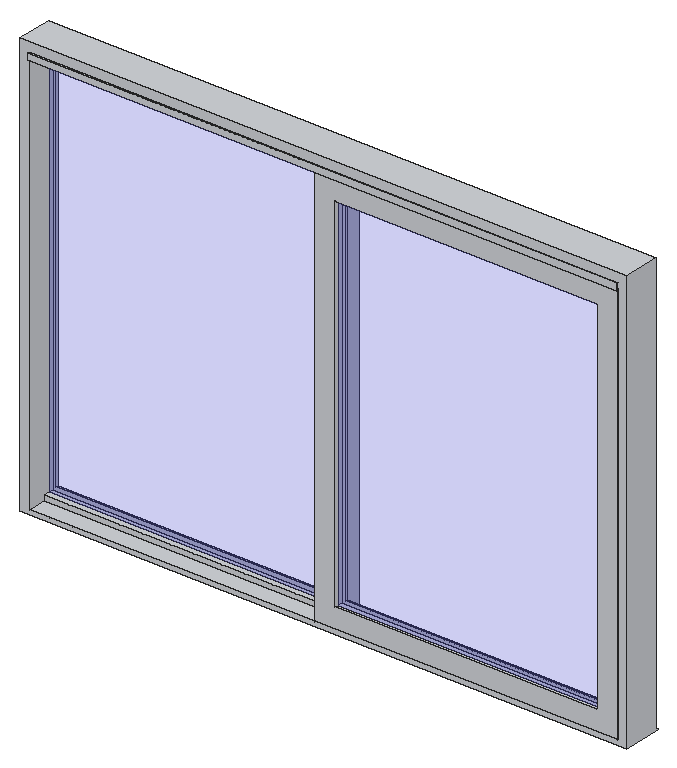
Revit family "9705_Skydedør_Venstre_COto62", category Doors, host Wall, Revit 2016
Family settings
  Host = Wall
  OmniClass Number = 23.30.10.00
  OmniClass Title = Doors
  Always vertical = Yes
  Cut with Voids When Loaded = No
  Shared = No
  Room Calculation Point = No
Parameters (values of type "3000x2100mm")
  maxleft [instance] = 1600 mm
  Width left leaf [instance] = if(maxleft > (Width / 2), Width / 2, maxleft)  # 1500 mm
  Sash placement in wall = Placement in wall + 176 mm  # 226 mm
  Rough Width = Width + (Joint * 2)  # 3024 mm
  Rough Height = Width + (Joint * 2)  # 3024 mm
  Placement in wall = 50 mm
  Manufacturer = "www.kronevinduer.dk"
  Joint = 12 mm
  Glass panel material [instance] = Glass
  Function = Interior
  Frame Projection Ext. = 25 mm
  Frame Projection Int. = 25 mm
  Frame Width = 75 mm
  Height = 2100 mm
  Wall Closure = By host
  Width = 3000 mm
  Bottom Placement = Placement in wall + 59 mm  # 109 mm
Reference planes
  plane 1: y = 0
  plane 2 "Center (Left/Right)": x = 0
  plane 3 "Left": x = -1500
  plane 4 "Right": x = 1500
  plane 5: z = 2100
  plane 6 "Exterior": y = 75
  plane 7 "Interior": y = -75
  plane 8: x = 1488
  plane 9: x = -1488
  plane 10: z = 2088
  plane 11: z = 12
  plane 12: y = 25
  plane 13: x = -12
  plane 14: y = -34
  plane 15: z = 2015
  plane 16: z = 32
  plane 17: z = 23
  plane 18: x = -42
Forms (mm)
  Sweep 1, solid
    path origin (0, 75, 0) x (1, 0, 0) y (0, 0, 1)
      loop
        line (1488, 12) -> (-1488, 12)
    profile "ALU_BOTTOM_INward : ALU_BOTTOM_INward" origin (0, 75, 12) x (0, 0, -1) y (0, -1, 0)
      loop
        line (0, 158) -> (-1.763, 158) -> (-11, 119) -> (-6.25, 119) -> (-6.25, 109) -> (-24.621, 109) -> (-24.621, 107) -> (-20.949, 107) -> (-5.5, 39) -> (0, 39) -> (0, 158)
  Sweep 2, solid
    path origin (0, 75, 0) x (1, 0, 0) y (0, 0, 1)
      loop
        line (1488, 12) -> (1488, 2088) -> (-1488, 2088) -> (-1488, 12)
    profile "COto 62 ALU_WOOD_FRAME 45x176MM : COto 62 ALU_WOOD_FRAME 45x176MM" origin (1488, 75, 1050) x (-1, 0, 0) y (0, -1, 0)
      loop
        line (0, 226) -> (0, 50) -> (45, 50) -> (45, 61) -> (27, 61) -> (27, 109) -> (45, 109) -> (45, 226) -> (0, 226)
  Sweep 3, solid
    path origin (0, 75, 0) x (1, 0, 0) y (0, 0, 1)
      loop
        line (-12, 12) -> (-12, 2088)
    profile "COto 62 ALU_WOOD_MULLION_INward : COto 62 ALU_WOOD_MULLION_INward" origin (-12, 75, 1050) x (-1, 0, 0) y (0, -1, 0)
      loop
        line (-45.5, 50) -> (45.5, 50) -> (45.5, 61) -> (27.5, 61) -> (27.5, 109) -> (45.5, 109) -> (45.5, 136) -> (-17.5, 136) -> (-17.5, 146.5) -> (-45.5, 146.5) -> (-45.5, 50)
  Sweep 4, solid
    path origin (0, 75, 0) x (1, 0, 0) y (0, 0, 1)
      loop
        line (-12, 12) -> (-1488, 12)
    profile "COto 62 ALU_WOOD_FRAME 45x176MM_S-door : COto 62 ALU_WOOD_FRAME 45x176MM_S-door" origin (-750, 75, 12) x (0, 0, -1) y (0, -1, 0)
      loop
        line (0, 226) -> (-20, 226) -> (-20, 136) -> (-45, 136) -> (-45, 109) -> (-27, 109) -> (-27, 61) -> (-45, 61) -> (-45, 50) -> (0, 50) -> (0, 226)
  Sweep 5, solid
    path origin (0, 75, 0) x (1, 0, 0) y (0, 0, 1)
      loop
        line (1488, 12) -> (-12, 12)
    profile "COto 62 ALU_WOOD_SASHBottom_slidingDOOR_INward : COto 62 ALU_WOOD_SASHBottom_slidingDOOR_INward" origin (738, 75, 12) x (0, 0, -1) y (0, -1, 0)
      loop
        line (-20, 226) -> (-20, 136.3) -> (0, 136.3) -> (0, 226) -> (-20, 226)
  Sweep 6, solid
    path origin (0, 75, 0) x (1, 0, 0) y (0, 0, 1)
      loop
        line (-1443, 2043) -> (1443, 2043)
    profile "ALU_PROFIL_OVER_SASH : ALU_PROFIL_OVER_SASH" origin (0, 75, 2043) x (0, 0, 1) y (0, -1, 0)
      loop
        line (0, 175.5) -> (0, 232.5) -> (-33.75, 232.5) -> (-33.75, 230.25) -> (-2.3, 230.25) -> (-2.3, 197.25) -> (-33.75, 197.25) -> (-33.75, 194.95) -> (-2.3, 194.95) -> (-2.3, 175.5) -> (0, 175.5)
  Sweep 7, solid
    path origin (0, 75, 0) x (1, 0, 0) y (0, 0, 1)
      loop
        line (1443, 32) -> (1443, 2015) -> (-42, 2015) -> (-42, 32) -> (1443, 32)
    profile "COto 62 ALU_WOOD_SASH_slidingDOOR_INward : COto 62 ALU_WOOD_SASH_slidingDOOR_INward" origin (1443, 75, 1023.5) x (-1, 0, 0) y (0, -1, 0)
      loop
        line (99, 226) -> (0, 226) -> (0, 152) -> (99, 152) -> (99, 163) -> (81, 163) -> (81, 211) -> (99, 211) -> (99, 226)
  Extrusion 8, solid, material "Glass"
    sketch origin (0, 0, 0) x (0, 1, 0) y (0, 0, 1)
      loop
        line (-88, 113) -> (-88, 1934) -> (-136, 1934) -> (-136, 113) -> (-88, 113)
    from 39 to 1362
  Extrusion 9, solid, material "Glass"
    sketch origin (0, 0, 0) x (0, 1, 0) y (0, 0, 1)
      loop
        line (-34, 39) -> (14, 39) -> (14, 2061) -> (-34, 2061) -> (-34, 39)
    from -1461 to -39.5
  Sweep 10, solid
    path origin (0, 75, 0) x (1, 0, 0) y (0, 0, 1)
      loop
        line (1443, 23) -> (1443, 2043)
    profile "ALU_PROFIL_SIDE_FRAME_right : ALU_PROFIL_SIDE_FRAME_right" origin (1443, 75, 1033) x (-1, 0, 0) y (0, -1, 0)
      loop
        line (0, 50) -> (0, 146.5) -> (-12, 146.5) -> (-12, 144.2) -> (-2.3, 144.2) -> (-2.3, 109) -> (-18, 109) -> (-18, 50) -> (0, 50)
Cuts and joins
  joined: Sweep 1, Sweep 2, Sweep 3, Sweep 4, Sweep 5, Sweep 10
Lines and regions (mm)
  Opening 1
    outline origin (-3050, -75, 0) x (1, 0, 0) y (0, 0, 1)
      loop
        line (1550, 0) -> (4550, 0) -> (4550, 2100) -> (1550, 2100) -> (1550, 0)
  symbolic lines
    curve 1: line (519, -75, 973.5) -> (279, -75, 973.5)
    curve 2: line (279, -75, 973.5) -> (307.284, -75, 1001.784)
    curve 3: line (279, -75, 973.5) -> (307.284, -75, 945.216)
  symbolic lines, style "Doors"
    curve 4: line (529.083, -212.111, 0) -> (289.083, -212.111, 0)
    curve 5: line (289.083, -212.111, 0) -> (317.367, -183.827, 0)
    curve 6: line (289.083, -212.111, 0) -> (317.367, -240.395, 0)
Text (mm)
  text "Exterior" at (-2295.016, 1099.543, 0), in view "Ref. Level"
  text "Exterior" at (0, 1615.38, 3698.081), in view "Left"
  text "Exterior" at (0, 1036.032, 3874.932), in view "Right"
Dimensions and locks
  equal spacing: plane 3 "Left", plane 2 "Center (Left/Right)", plane 4 "Right"
  "Width": plane 3 "Left" to plane 4 "Right"
  "Height": plane 5 to host wall
  host wall to plane 5 = 2100 mm  (x2)
  locked: plane 6 "Exterior" to host wall at 0
  locked: plane 7 "Interior" to host wall
  "Joint": plane 8 to plane 4 "Right"
  "Joint": plane 3 "Left" to plane 9
  "Joint": plane 10 to plane 5
  "Joint": level to plane 11
  "Placement in wall": host wall to plane 12
  "Bottom Placement": host wall to plane 14
  locked: plane 15 to Sweep 2 at 28
  plane 11 to plane 16 = 20 mm
  locked: plane 18 to plane 13 at 30
  locked: plane 10 to plane 15 at 73
  "Width left leaf": plane 13 to plane 8
  aligned and locked: plane 3 "Left" to Opening 1 sketch curve
  aligned and locked: plane 5 to Opening 1 sketch curve  (x2)
  aligned and locked: Opening 1 sketch curve to plane 4 "Right"
  aligned and locked: Opening 1 sketch curve to level
  aligned and locked: plane 1 to host wall
  aligned and locked: Sweep 6 sketch curve to cut or joined group of Sweep 1, Sweep 2, Sweep 3, Sweep 4, Sweep 5, Sweep 10
  aligned and locked: plane 11 to Sweep 4 sketch curve
  aligned and locked: Sweep 5 sketch curve to cut or joined group of Sweep 1, Sweep 2, Sweep 3, Sweep 4, Sweep 5, Sweep 10
  aligned and locked: Extrusion 8 sketch curve to Sweep 7  (x2)
  aligned and locked: Extrusion 8 to Sweep 7  (x4)
  aligned and locked: Extrusion 9 sketch curve to cut or joined group of Sweep 1, Sweep 2, Sweep 3, Sweep 4, Sweep 5, Sweep 10
  aligned and locked: Extrusion 9 sketch curve to plane 14
  aligned and locked: Extrusion 9 to cut or joined group of Sweep 1, Sweep 2, Sweep 3, Sweep 4, Sweep 5, Sweep 10  (x4)
  aligned and locked: Sweep 10 sketch curve to Sweep 6
Automatic sketch dimensions
  plane 9 to Sweep 1 sketch curve = 0 mm
  plane 8 to Sweep 1 sketch curve = 0 mm
  Sweep 1 sketch curve to plane 11 = 0 mm
  plane 9 to Sweep 2 sketch curve = 0 mm
  plane 8 to Sweep 2 sketch curve = 0 mm
  Sweep 2 sketch curve to plane 11 = 0 mm  (x2)
  Sweep 2 sketch curve to plane 10 = 0 mm
  Sweep 3 sketch curve to plane 10 = 0 mm
  plane 13 to Sweep 3 sketch curve = 0 mm
  Sweep 3 sketch curve to plane 11 = 0 mm
  Sweep 6 sketch curve to plane 9 = 45 mm
  plane 8 to Sweep 6 sketch curve = 45 mm
  Sweep 7 sketch curve to plane 16 = 0 mm
  plane 18 to Sweep 7 sketch curve = 0 mm
  Sweep 7 sketch curve to plane 15 = 0 mm
  plane 8 to Sweep 7 sketch curve = 45 mm
  plane 9 to Sweep 4 sketch curve = 0 mm
  plane 13 to Sweep 4 sketch curve = 0 mm
  plane 13 to Sweep 5 sketch curve = 0 mm
  plane 8 to Sweep 5 sketch curve = 0 mm
  level to Extrusion 8 sketch curve = 113 mm
  plane 5 to Extrusion 8 sketch curve = 166 mm
  level to Extrusion 9 sketch curve = 39 mm
  plane 5 to Extrusion 9 sketch curve = 39 mm
  Sweep 10 sketch curve to plane 17 = 0 mm
  plane 15 to Sweep 10 sketch curve = 28 mm
  plane 2 "Center (Left/Right)" to curve 1 = 279 mm
  curve 2 to plane 15 = 1041.5 mm
  curve 1 to curve 2 = 28.284 mm
  curve 1 to curve 3 = 28.284 mm
  curve 2 to curve 1 = 211.716 mm
  curve 3 to curve 1 = 28.284 mm
  plane 2 "Center (Left/Right)" to curve 4 = 289.083 mm
  host wall to curve 5 = 137.111 mm
  host wall to curve 5 = 108.827 mm
  curve 4 to curve 5 = 28.284 mm
  host wall to curve 6 = 165.395 mm
  curve 5 to curve 4 = 211.716 mm
